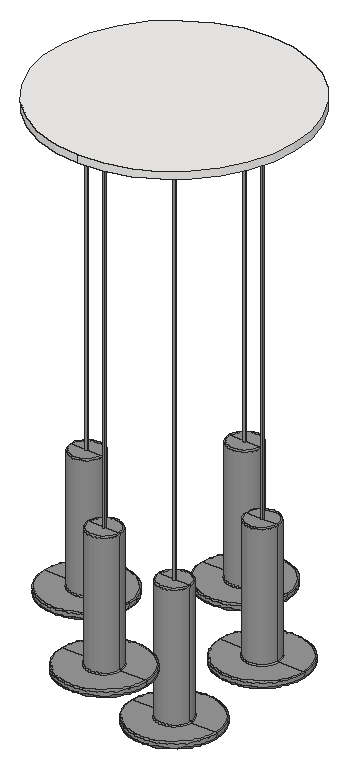
Revit family "Haworth_Cielo_Pendant_FiveLight", category Lighting Fixtures, host Ceiling, Revit 2018
Family settings
  Host = Ceiling
  Round Connector Dimension = Use Diameter
  Part Type = Normal
  OmniClass Number = 23.80.70.11
  OmniClass Title = Luminaries for Internal Lighting
  Always vertical = Yes
  Cut with Voids When Loaded = No
  Light Source = Yes
  Shared = No
  Room Calculation Point = No
Parameters (values of type "LEP5-1810")
  Wattage = 8 W
  built-in parameter 1150110 = 1 (stored number, unit not read)
  built-in parameter 1114217 = 1 (stored number, unit not read)
  Tilt Angle = 90.00°
  built-in parameter 1150109 = 1 (stored number, unit not read)
  built-in parameter 1150134 = (empty or 0)
  built-in parameter 1150113 = 1 (stored number, unit not read)
  Support Radius = 0' - 8 1/2"  # constant formula
  Photometric Web File = "generic"
  built-in parameter 1150142 = (empty or 0)
  built-in parameter 1150105 = 30.558 (stored number, unit not read)
  Lumens = 384 lm
  built-in parameter 1150115 = 1 (stored number, unit not read)
  Light Source Offset [instance] = Actual Cords 5 Length + 0' 10"  # 3' - 4"
  built-in parameter 1150137 = (empty or 0)
  built-in parameter 1150139 = (empty or 0)
  Lamps Width = 1' - 6 1/2"  # constant formula
  Warranty = "http://www.haworth.com/resources/product-info/warranties"
  URL - Product = "https://www.haworth.com/products/lighting/pendant/cielo"
  URL = "http://www.haworth.com/our-brands/haworth-collection"
  Trim Finish [instance] = Haworth _ Metal _ Stainless Steel
  Size = "Verify Final Dim. w/ Haworth"  # constant formula
  Revision Number = "1"  # constant formula
  Model = "LEP5-1810"  # constant formula
  Min. Cords Length = 1' - 0"  # constant formula
  Max. Cords Length = 10' - 0"  # constant formula
  Manufacturer = "Haworth"  # constant formula
  built-in parameter 1150112 = 1 (stored number, unit not read)
  built-in parameter 1150114 = 1 (stored number, unit not read)
  built-in parameter 1150132 = (empty or 0)
  built-in parameter 1150102 = (empty or 0)
  built-in parameter 1150107 = 3000 (stored number, unit not read)
  built-in parameter 1150138 = (empty or 0)
  built-in parameter 1150106 = 0.30558 (stored number, unit not read)
  Glass Finish = Haworth _ Glass _ Frosted
  built-in parameter 1150129 = 2' - 0"
  Emit from Circle Diameter = 1' - 6"
  built-in parameter 1150118 = no
  Emit Shape Visible in Rendering = no
  built-in parameter 1150104 = 4.4593 (stored number, unit not read)
  Dimming Lamp Color Temperature Shift = <None>
  Description = "Haworth Cielo Pendant with Five Lights"  # constant formula
  Cords Finish = Haworth _ Metal _ Satin Aluminum_Grey-Cord TR-E05
  Cords 5 Length [instance] = 2' - 6"  # constant formula
  Cords 4 Length [instance] = 2' - 0"  # constant formula
  Cords 3 Length [instance] = 2' - 0"  # constant formula
  Cords 2 Length [instance] = 2' - 0"  # constant formula
  Cords 1 Length [instance] = 2' - 0"  # constant formula
  Color Filter = 16777215
  built-in parameter 1140040 [instance] = 1
  built-in parameter 1114218 = 1 (stored number, unit not read)
  Author = "Haworth (Alias)"  # constant formula
  built-in parameter 1150133 = 10 (stored number, unit not read)
  Assembly Code = "D5020200"
  Apparent Load = 0 VA
  Actual Cords 5 Length [instance] = if(Cords 5 Length > Max. Cords Length, Max. Cords Length, if(Cords 5 Length < Min. Cords Length, Min. Cords Length, Cords 5 Length))  # 2' - 6"
  Actual Cords 4 Length [instance] = if(Cords 4 Length > Max. Cords Length, Max. Cords Length, if(Cords 4 Length < Min. Cords Length, Min. Cords Length, Cords 4 Length))  # 2' - 0"
  Actual Cords 3 Length [instance] = if(Cords 3 Length > Max. Cords Length, Max. Cords Length, if(Cords 3 Length < Min. Cords Length, Min. Cords Length, Cords 3 Length))  # 2' - 0"
  Actual Cords 2 Length [instance] = if(Cords 2 Length > Max. Cords Length, Max. Cords Length, if(Cords 2 Length < Min. Cords Length, Min. Cords Length, Cords 2 Length))  # 2' - 0"
  Actual Cords 1 Length [instance] = if(Cords 1 Length > Max. Cords Length, Max. Cords Length, if(Cords 1 Length < Min. Cords Length, Min. Cords Length, Cords 1 Length))  # 2' - 0"
Reference planes (in)
  plane 1 "Light Source Axis (F/B)": y = 0
  plane 2 "Ceiling": z = 119.5
  plane 3 "Light Source Axis (L/R)": x = 0
  plane 4 "Light Source Elevation": z = 79
  plane 5 "Back": y = 9.25
  plane 6 "Front": y = -9.25
  plane 7 "Left": x = -9.25
  plane 8 "Right": x = 9.25
  plane 9 "Bottom Bracket": z = 119
  plane 10 "Pendant 1.1": y = 6.19432
  plane 11 "Pendant 2.1": x = 6.18
  plane 12 "Pendant 3.1": x = -6.18
  plane 13 "Pendant 4.1": y = -6.19432
Forms (in)
  Extrusion 1, solid, material "Haworth _ Paint _ Collection White"
    sketch origin (0, 0, 79) x (0, -1, 0) y (1, 0, 0)
      loop
        circle (0, 0) r 8.5
    from 40 to 40.5
Lines and regions (in)
  Masking region 1
    outline origin (0, 0, 79) x (0, -1, 0) y (1, 0, 0)
      loop
        circle (0, 0) r 8.5
  Masking region 2
    outline origin (0, 0, 78.91326) x (0, -1, 0) y (1, 0, 0)
      loop
        circle (0, 6.18) r 3
      loop
        circle (0, -6.18) r 3
      loop
        circle (-6.19432, 0) r 3
      loop
        circle (6.19432, 0) r 3
      loop
        circle (0, 0) r 3
Dimensions and locks (in)
  equal spacing: host sketch curve, plane 3 "Light Source Axis (L/R)", host sketch curve
  equal spacing: host sketch curve, plane 1 "Light Source Axis (F/B)", host sketch curve
  host sketch curve to host sketch curve = 10' - 0"  (x2)
  locked: plane 2 "Ceiling" to plane 9 "Bottom Bracket" at 0.5
  equal spacing: plane 7 "Left", plane 3 "Light Source Axis (L/R)", plane 8 "Right"  (x2)
  equal spacing: plane 5 "Back", plane 1 "Light Source Axis (F/B)", plane 6 "Front"
  "Lamps Width": plane 7 "Left" to plane 8 "Right"
  "Lamps Width": plane 5 "Back" to plane 6 "Front"
  "Light Source Offset": plane 9 "Bottom Bracket" to plane 4 "Light Source Elevation"
  "Support Radius": radius of Extrusion 1 sketch curve
  aligned and locked: plane 2 "Ceiling" to host ceiling
  aligned and locked: plane 2 "Ceiling" to Extrusion 1
  aligned and locked: plane 9 "Bottom Bracket" to Extrusion 1
  aligned and locked: plane 3 "Light Source Axis (L/R)" to Masking region 1 sketch curve
  aligned and locked: plane 1 "Light Source Axis (F/B)" to Masking region 1 sketch curve
  aligned and locked: plane 1 "Light Source Axis (F/B)" to Extrusion 1 sketch curve
  aligned and locked: plane 3 "Light Source Axis (L/R)" to Extrusion 1 sketch curve
  aligned and locked: plane 1 "Light Source Axis (F/B)" to Masking region 2 sketch curve  (x3)
  aligned and locked: plane 11 "Pendant 2.1" to Masking region 2 sketch curve
  aligned and locked: plane 10 "Pendant 1.1" to Masking region 2 sketch curve
  aligned and locked: plane 3 "Light Source Axis (L/R)" to Masking region 2 sketch curve  (x3)
  aligned and locked: plane 12 "Pendant 3.1" to Masking region 2 sketch curve
  aligned and locked: plane 13 "Pendant 4.1" to Masking region 2 sketch curve
  aligned and locked: plane 3 "Light Source Axis (L/R)" to nested 5
  aligned and locked: nested 5 to plane 13 "Pendant 4.1"
  aligned and locked: nested 4 to plane 11 "Pendant 2.1"
  aligned and locked: plane 1 "Light Source Axis (F/B)" to nested 4
  aligned and locked: nested 3 to plane 12 "Pendant 3.1"
  aligned and locked: plane 1 "Light Source Axis (F/B)" to nested 3
  aligned and locked: nested 1 to plane 10 "Pendant 1.1"
  aligned and locked: plane 3 "Light Source Axis (L/R)" to nested 1
  aligned and locked: plane 3 "Light Source Axis (L/R)" to nested 2
  aligned and locked: plane 1 "Light Source Axis (F/B)" to nested 2
  aligned and locked: plane 2 "Ceiling" to nested 4
  aligned and locked: plane 2 "Ceiling" to nested 5
  aligned and locked: plane 2 "Ceiling" to nested 2
  aligned and locked: plane 2 "Ceiling" to nested 3
  aligned and locked: plane 2 "Ceiling" to nested 1
  aligned and locked: imposter light to plane 4 "Light Source Elevation"
  aligned and locked: plane 3 "Light Source Axis (L/R)" to imposter light
Automatic sketch dimensions
  radius of Masking region 2 sketch curve = 0' - 3"  (x5)
  radius of Masking region 1 sketch curve = 0' - 8 1/2"
Nested families (in)
  nested 1: "Haworth_Cielo_Pendant_PART" at (0, 6.19432, 85.5), Cords Length <- "Actual Cords 1 Length", type "Pendant"
    with Cords Length 2' - 0", Actual Cords Length 2' - 0"
  nested 2: "Haworth_Cielo_Pendant_PART" at (0, 0, 79.5), Cords Length <- "Actual Cords 5 Length", type "Pendant"
    with Cords Length 2' - 6", Actual Cords Length 2' - 6"
  nested 3: "Haworth_Cielo_Pendant_PART" at (-6.18, 0, 85.5), Cords Length <- "Actual Cords 2 Length", type "Pendant"
    with Cords Length 2' - 0", Actual Cords Length 2' - 0"
  nested 4: "Haworth_Cielo_Pendant_PART" at (6.18, 0, 85.5), Cords Length <- "Actual Cords 3 Length", type "Pendant"
    with Cords Length 2' - 0", Actual Cords Length 2' - 0"
  nested 5: "Haworth_Cielo_Pendant_PART" at (0, -6.19432, 85.5), Cords Length <- "Actual Cords 4 Length", type "Pendant"
    with Cords Length 2' - 0", Actual Cords Length 2' - 0"
Connectors (in)
  electrical at (0, 0, 119.5), driven by "Apparent Load"
    settings: on Extrusion 1, index 1, voltage 120 V, apparent load 0 VA, apparent load phase1 0 VA, apparent load phase2 0 VA, apparent load phase3 0 VA, power factor 1, load classification "Other", number of poles 1, system type 31, power factor state 1, is connector primary yes, connector utility no, sub classification motor no, connector description ""
Definition of nested family "Haworth_Cielo_Pendant_PART"
  Parameters (values of type "Pendant")
    Wattage = 8 W
    Warranty = "http://www.haworth.com/resources/product-info/warranties"
    built-in parameter 1150110 = 1 (stored number, unit not read)
    URL - Product = "https://www.haworth.com/products/lighting/pendant/cielo"
    URL = "http://www.haworth.com/our-brands/haworth-collection"
    Trim Finish = none
    built-in parameter 1114217 = 1 (stored number, unit not read)
    Tilt Angle = 90.00°
    built-in parameter 1150109 = 1 (stored number, unit not read)
    built-in parameter 1150134 = (empty or 0)
    built-in parameter 1150113 = 1 (stored number, unit not read)
    Size = "Verify Final Dim. w/ Haworth"  # constant formula
    Revision Number = "1"  # constant formula
    Photometric Web File = "generic"
    built-in parameter 1150142 = (empty or 0)
    Model = "LEP"  # constant formula
    Min. Cords Length = 1' - 0"  # constant formula
    Max. Cords Length = 10' - 0"  # constant formula
    Manufacturer = "Haworth"  # constant formula
    built-in parameter 1150105 = 30.558 (stored number, unit not read)
    Lumens = 384 lm
    built-in parameter 1150115 = 1 (stored number, unit not read)
    built-in parameter 1150137 = (empty or 0)
    built-in parameter 1150139 = (empty or 0)
    Lamps Width = 0' - 6"  # constant formula
    built-in parameter 1150112 = 1 (stored number, unit not read)
    built-in parameter 1150114 = 1 (stored number, unit not read)
    built-in parameter 1150132 = (empty or 0)
    built-in parameter 1150102 = (empty or 0)
    built-in parameter 1150107 = 3000 (stored number, unit not read)
    built-in parameter 1150138 = (empty or 0)
    built-in parameter 1150106 = 0.30558 (stored number, unit not read)
    Glass Finish = none
    Emit from Circle Diameter = 2' - 0"
    Emit Shape Visible in Rendering = no
    built-in parameter 1150104 = 4.4593 (stored number, unit not read)
    Dimming Lamp Color Temperature Shift = (empty or 0)
    Description = "Haworth - Cielo - Pendant"  # constant formula
    Cords Length [instance] = 2' - 8"
    Cords Finish = none
    Color Filter = 16777215
    built-in parameter 1114218 = 1 (stored number, unit not read)
    Author = "Haworth(Alias)"  # constant formula
    built-in parameter 1150133 = 10 (stored number, unit not read)
    Actual Cords Length [instance] = if(Cords Length > Max. Cords Length, Max. Cords Length, if(Cords Length < Min. Cords Length, Min. Cords Length, Cords Length))  # 2' - 8"
  Reference planes (in)
    plane 1 "Light Source Axis (F/B)": y = 0
    plane 2: z = 0
    plane 3 "Light Source Axis (L/R)": x = 0
    plane 4 "Light Source Elevation": z = 0.26953
    plane 5: y = 3
    plane 6: y = -3
    plane 7: x = 3
    plane 8: x = -3
    plane 9 "Top": z = 42
    plane 10 "Bottom Bracket": z = 41.5
    plane 11 "Bottom Cords": z = 9.5
    plane 12 "Middle Lamps": z = 0.85937
    plane 13 "Bottom Lamps": z = 0.46875
  Forms (in)
    Revolve 1, solid, material <- "Trim Finish"
      sketch origin (0, 0, 0) x (1, 0, 0) y (0, 0, 1)
        loop
          line (0, 9.5) -> (0, 0.46875) -> (2.9375, 0.46875)
          arc (2.9375, 0.46875) -> (2.98169, 0.48706) -> (3, 0.53125) r 0.0625
          line (3, 0.53125) -> (3, 0.79687)
          arc (3, 0.79687) -> (2.98169, 0.84107) -> (2.9375, 0.85937) r 0.0625
          line (2.9375, 0.85937) -> (1.18689, 0.85937)
          arc (1.18689, 0.85937) -> (1.14269, 0.87768) -> (1.12439, 0.92187) r 0.0625
          line (1.12439, 0.92187) -> (1.12439, 9.4375)
          arc (1.12439, 9.4375) -> (1.10608, 9.48169) -> (1.06189, 9.5) r 0.0625
          line (1.06189, 9.5) -> (0, 9.5)
        axis (0, 9.5) -> (0, 0.46875)
      angle from 0 to 360
    Extrusion 2, solid, material <- "Cords Finish"
      sketch origin (0, 0, 0) x (1, 0, 0) y (0, 1, 0)
        loop
          circle (0, 0) r 0.08004
      from 9.5 to 41.5
  Lines and regions (in)
    Masking region 1
      outline origin (0, 0, 0) x (1, 0, 0) y (0, 1, 0)
        loop
          circle (0, 0) r 3
  Dimensions and locks (in)
    locked: plane 9 "Top" to plane 10 "Bottom Bracket" at 0.5
    "Actual Cords Length": plane 10 "Bottom Bracket" to plane 11 "Bottom Cords"
    locked: plane 11 "Bottom Cords" to plane 12 "Middle Lamps" at 8.64062
    locked: plane 12 "Middle Lamps" to plane 4 "Light Source Elevation" at 0.58984
    locked: plane 4 "Light Source Elevation" to plane 2 at 0.26953
    radius of Masking region 1 sketch curve = 0' - 3"
    aligned and locked: level to plane 2
    aligned and locked: imposter light to plane 4 "Light Source Elevation"
    aligned and locked: plane 3 "Light Source Axis (L/R)" to Revolve 1 sketch curve
    aligned and locked: Revolve 1 sketch curve to plane 13 "Bottom Lamps"
    aligned and locked: plane 12 "Middle Lamps" to Revolve 1 sketch curve
    aligned and locked: Revolve 1 sketch curve to plane 7
    aligned and locked: Revolve 1 sketch curve to plane 3 "Light Source Axis (L/R)"
    aligned and locked: plane 1 "Light Source Axis (F/B)" to Extrusion 2 sketch curve
    aligned and locked: plane 3 "Light Source Axis (L/R)" to Extrusion 2 sketch curve
    aligned and locked: plane 11 "Bottom Cords" to Extrusion 2
    aligned and locked: Extrusion 2 to plane 10 "Bottom Bracket"
  Automatic sketch dimensions
    Revolve 1 sketch curve to plane 11 "Bottom Cords" = 0' - 0"
    plane 11 "Bottom Cords" to Revolve 1 sketch curve = 0' - 0 1/16"
    plane 3 "Light Source Axis (L/R)" to Revolve 1 sketch curve = 0' - 1.06189"
    Revolve 1 sketch curve to Revolve 1 sketch curve = 0' - 0 1/16"  (x2)
    Revolve 1 sketch curve to plane 7 = 0' - 0 1/16"
    Revolve 1 sketch curve to level = 0' - 5 1/2"
    Revolve 1 sketch curve to plane 11 "Bottom Cords" = 0' - 5"
    plane 1 "Light Source Axis (F/B)" to Masking region 1 sketch curve = 0' - 0"
    Masking region 1 sketch curve to plane 3 "Light Source Axis (L/R)" = 0' - 0"
    radius of Extrusion 2 sketch curve = 0' - 0.08004"
